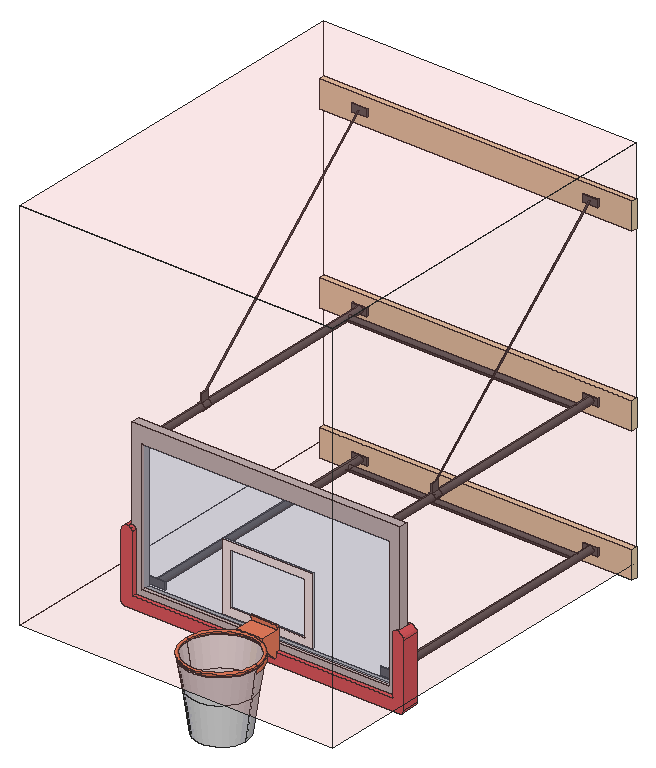
Revit family "Basketball_Backstop-Wall_Mount-Fold-IPIbyBison-IP12WF", category Specialty Equipment, Revit 2024
Family settings
  Round Connector Dimension = Use Diameter
  Part Type = Normal
  OmniClass Number = 23.40.50.34.14
  OmniClass Title = Gymnasium Equipment
  Work Plane-Based = Yes
  Enable Cutting in Views = No
  Always vertical = No
  Cut with Voids When Loaded = No
  Maintain Annotation Orientation = No
  Shared = No
  Room Calculation Point = No
Parameters (values of type "Wall Mounted Fold Up")
  wall distance text = "4 to 10 ft from Wall"
  Wall Plate Material = Wood - IPI by Bison
  Unit Width = 7' - 0"
  Unit Height [instance] = Stringer Height_First + 0' 2"  # 10' - 0"
  Unit Depth = 2' - 8"
  URL = "https://ipibybison.com/"
  Stringer Wood [instance] = Wood - IPI by Bison
  Stringer Height_Third [instance] = 4' - 0"
  Stringer Height_Second [instance] = 3' - 0"
  Stringer Height_First [instance] = 9' - 10"
  Specification = "https://www.arcat.com/company/ipi-by-bison-38554/spec"
  Rim Color [instance] = Plastic - IPI by Bison - Orange OR
  Range of Wall Distance [instance] = wall distance text  # "4 to 10 ft from Wall"
  Product Page URL = "https://www.arcat.com/arcatcos/cos38/arc38554.html"
  Net Color [instance] = Finish - IPI by Bison - White Netting
  Model = "IP12WF"
  Manufacturer = "IPI by Bison"
  Keynote = "11 66 00"
  Glass [instance] = Glass - IPI by Bison
  Frame Finish [instance] = Finish - IPI by Bison - Black
  Folding Clearance [instance] = ARCAT Clearance
  Description = "Basketball Frame and Backboard, Wall Mount"
  Default Elevation = 0' - 0"
  Copyright = "© 2023 ARCAT"  # constant formula
  Clearance Visible [instance] = yes
  CAD Details = "https://www.arcat.com/company/ipi-by-bison-38554/cad"
  Backboard Square Color [instance] = Finish - IPI by Bison - White
  Backboard Padding Color [instance] = Plastic - IPI by Bison - Scarlet SC
  Backboard Distance from Wall [instance] = 6' - 0"
  Backboard Color [instance] = Finish - IPI by Bison - Satin Aluminum
  Assembly Code = ""
Reference planes (in)
  plane 1 "Center (Front/Back)": y = 0
  plane 2 "Bottom": z = 0
  plane 3 "Center (Left/Right)": x = 0
  plane 4 "Left": x = -42
  plane 5 "Right": x = 42
  plane 6 "Top": z = 120
  plane 7: y = -72
  plane 8: y = -59.5813
  plane 9: z = 118
  plane 10: z = 154
  plane 11: z = 202
  plane 12: x = -31.00488
  plane 13: x = 31.00488
  plane 14: y = -69.5
  plane 15: y = -54
Forms (in)
  Extrusion 1, solid, material "Wood - IPI by Bison" <- "Stringer Wood"
    sketch origin (0, 0, 0) x (0, 1, 0) y (0, 0, 1)
      loop
        line (0, 198.375) -> (0, 205.625) -> (-1.5, 205.625) -> (-1.5, 198.375) -> (0, 198.375)
      loop
        line (0, 150.375) -> (0, 157.625) -> (-1.5, 157.625) -> (-1.5, 150.375) -> (0, 150.375)
      loop
        line (0, 114.375) -> (0, 121.625) -> (-1.5, 121.625) -> (-1.5, 114.375) -> (0, 114.375)
    from -42 to 42
  Extrusion 2, solid, material "Finish - IPI by Bison - Black" <- "Frame Finish"
    sketch origin (-31.00488, -180, 220.71867) x (0, 0, 1) y (0, -1, 0)
      loop
        line (-67.71867, -110.25) -> (-67.71867, -110.5) -> (-65.71867, -110.5) -> (-65.71867, -110.25) -> (-67.71867, -110.25)
      loop
        line (-101.71867, -110.25) -> (-103.71867, -110.25) -> (-103.71867, -110.5) -> (-101.71867, -110.5) -> (-101.71867, -110.25)
      loop
        line (-67.71867, -178.5) -> (-65.71867, -178.5) -> (-65.71867, -178.25) -> (-67.71867, -178.25) -> (-67.71867, -178.5)
      loop
        line (-103.71867, -178.5) -> (-101.71867, -178.5) -> (-101.71867, -178.25) -> (-103.71867, -178.25) -> (-103.71867, -178.5)
      loop
        line (-19.71867, -178.5) -> (-17.71867, -178.5) -> (-17.71867, -178.25) -> (-19.71867, -178.25) -> (-19.71867, -178.5)
    from 2 to -2
  Extrusion 3, solid, material "Finish - IPI by Bison - Black" <- "Frame Finish"
    sketch origin (31.00488, -180, 220.71867) x (0, 0, 1) y (0, -1, 0)
      loop
        line (-65.71867, -110.25) -> (-67.71867, -110.25) -> (-67.71867, -110.5) -> (-65.71867, -110.5) -> (-65.71867, -110.25)
      loop
        line (-103.71867, -110.25) -> (-103.71867, -110.5) -> (-101.71867, -110.5) -> (-101.71867, -110.25) -> (-103.71867, -110.25)
      loop
        line (-103.71867, -178.25) -> (-103.71867, -178.5) -> (-101.71867, -178.5) -> (-101.71867, -178.25) -> (-103.71867, -178.25)
      loop
        line (-67.71867, -178.25) -> (-67.71867, -178.5) -> (-65.71867, -178.5) -> (-65.71867, -178.25) -> (-67.71867, -178.25)
      loop
        line (-19.71867, -178.25) -> (-19.71867, -178.5) -> (-17.71867, -178.5) -> (-17.71867, -178.25) -> (-19.71867, -178.25)
    from 2 to -2
  Extrusion 4, solid, material "Finish - IPI by Bison - Black" <- "Frame Finish"
    sketch origin (31.00488, -1.75, 143) x (0, 0, 1) y (-1, 0, 0)
      loop
        circle (11, 62.00977) r 0.875
      loop
        circle (-25, 62.00977) r 0.875
      loop
        circle (11, 0) r 0.875
      loop
        circle (-25, 0) r 0.875
    from 0 to 67.75
  Extrusion 5, solid, material "Finish - IPI by Bison - Black" <- "Frame Finish"
    sketch origin (0, -54, 159.04229) x (0, 0, 1) y (1, 0, 0)
      loop
        line (-4.05404, 30.85203) -> (-1.80404, 30.85203) -> (-1.80404, 31.15773) -> (-4.05404, 31.15773)
        arc (-4.05404, 31.15773) -> (-6.04229, 31.00488) -> (-4.05404, 30.85203) r 1
      loop
        arc (-4.05404, -30.85203) -> (-6.04229, -31.00488) -> (-4.05404, -31.15773) r 1
        line (-4.05404, -31.15773) -> (-1.80404, -31.15773) -> (-1.80404, -30.85203) -> (-4.05404, -30.85203)
    from 1 to -1
  Sweep 6, solid, material "Finish - IPI by Bison - Black" <- "Frame Finish"
    path origin (0, 0, 0) x (0, 1, 0) y (0, 0, 1)
      loop
        line (-54, 156.75) -> (-2.09969, 202)
    profile origin (0, -28.04984, 179.375) x (0, -0.657165, 0.753747) y (1, 0, 0)
      loop
        circle (0, -31.00488) r 0.125
      loop
        circle (0, 31.00488) r 0.125
  Extrusion 7, solid, material "ARCAT Clearance" <- "Folding Clearance", visible <- "Clearance Visible"
    sketch origin (0, 0, 0) x (0, 1, 0) y (0, 0, 1)
      loop
        line (-102, 118) -> (0, 118) -> (0, 219) -> (-102, 219) -> (-102, 118)
    from -42 to 42
  Extrusion 8, solid, material "Finish - IPI by Bison - Black" <- "Frame Finish"
    sketch origin (0, 0, 0) x (0, 1, 0) y (0, 0, 1)
      loop
        circle (-6, 154) r 0.75
      loop
        circle (-6, 118) r 0.75
    from -31.00488 to 31.00488
Dimensions and locks (in)
  equal spacing: plane 4 "Left", plane 3 "Center (Left/Right)", plane 5 "Right"
  "Unit Width": plane 4 "Left" to plane 5 "Right"
  "Unit Height": plane 6 "Top" to level
  locked: plane 7 to plane 8 at 12.4187
  "Backboard Distance from Wall": plane 7 to plane 1 "Center (Front/Back)"
  "Stringer Height_First": plane 9 to level
  "Stringer Height_Second": plane 10 to plane 9
  "Stringer Height_Third": plane 11 to plane 10
  Extrusion 1 sketch curve to plane 9 to Extrusion 1 sketch curve = 0' - 3 5/8" locked, 0' - 3 5/8" locked
  Extrusion 1 sketch curve to plane 10 to Extrusion 1 sketch curve = 0' - 3 5/8" locked, 0' - 3 5/8" locked
  Extrusion 1 sketch curve to plane 11 to Extrusion 1 sketch curve = 0' - 3 5/8" locked, 0' - 3 5/8" locked
  Extrusion 2 sketch curve to plane 10 to Extrusion 2 sketch curve = 0' - 1" locked, 0' - 1" locked  (x2)
  plane 7 to Extrusion 2 sketch curve to Extrusion 2 sketch curve = 0' - 2 1/4" locked, 0' - 0 1/4" locked  (x2)
  Extrusion 2 sketch curve to plane 9 to Extrusion 2 sketch curve = 0' - 1" locked, 0' - 1" locked  (x2)
  Extrusion 2 sketch curve to plane 11 to Extrusion 2 sketch curve = 0' - 1" locked, 0' - 1" locked
  equal spacing: plane 13, plane 3 "Center (Left/Right)", plane 12
  locked: plane 13 to plane 12 at 62.00977
  locked: Extrusion 3 sketch curve to Extrusion 3 sketch curve at 0.25  (x5)
  Extrusion 3 sketch curve to plane 10 to Extrusion 3 sketch curve = 0' - 1" locked, 0' - 1" locked  (x2)
  Extrusion 3 sketch curve to plane 9 to Extrusion 3 sketch curve = 0' - 1" locked, 0' - 1" locked  (x2)
  locked: plane 7 to Extrusion 3 sketch curve at 2.25  (x2)
  Extrusion 3 sketch curve to plane 11 to Extrusion 3 sketch curve = 0' - 1" locked, 0' - 1" locked
  locked: Extrusion 4 sketch curve to plane 12
  locked: Extrusion 4 sketch curve to plane 10
  locked: plane 12 to Extrusion 4 sketch curve
  locked: plane 9 to Extrusion 4 sketch curve  (x2)
  locked: plane 13 to Extrusion 4 sketch curve
  locked: Extrusion 4 sketch curve to plane 13
  locked: plane 10 to Extrusion 4 sketch curve
  locked: plane 7 to plane 14 at 2.5
  locked: plane 7 to plane 15 at 18
  Extrusion 5 sketch curve to plane 13 to Extrusion 5 sketch curve to Extrusion 5 sketch curve = 0' - 0.15285" locked, 0' - 0" locked, 0' - 0.15285" locked
  Extrusion 5 sketch curve to plane 12 to Extrusion 5 sketch curve to Extrusion 5 sketch curve = 0' - 0.15285" locked, 0' - 0" locked, 0' - 0.15285" locked
  Extrusion 5 sketch curve to plane 10 to Extrusion 5 sketch curve = 0' - 3.23825" locked, 0' - 0" locked  (x2)
  locked: Sweep 6 sketch curve to plane 1 "Center (Front/Back)" at 2.09969
  locked: plane 11 to Sweep 6 sketch curve at 0
  locked: Sweep 6 sketch curve to plane 10 at 2.75
  locked: plane 15 to Sweep 6 sketch curve
  locked: Extrusion 3 sketch curve to plane 1 "Center (Front/Back)" at 1.5
  locked: Extrusion 7 sketch curve to plane 11 at 17
  locked: Extrusion 7 sketch curve to plane 7 at 30
  locked: Extrusion 8 sketch curve to plane 1 "Center (Front/Back)" at 6  (x2)
  locked: plane 10 to Extrusion 8 sketch curve at 0
  locked: plane 9 to Extrusion 8 sketch curve at 0
  aligned and locked: nested 1 to plane 8
  aligned and locked: Extrusion 1 to plane 4 "Left"
  aligned and locked: plane 5 "Right" to Extrusion 1
  aligned and locked: plane 14 to Extrusion 4
  aligned and locked: Extrusion 7 sketch curve to plane 9
  aligned and locked: plane 5 "Right" to Extrusion 7
  aligned and locked: Extrusion 7 to plane 4 "Left"
  aligned and locked: plane 13 to Extrusion 8
  aligned and locked: Extrusion 8 to plane 12
Automatic sketch dimensions
  Extrusion 5 sketch curve to Extrusion 5 sketch curve = 0' - 2 1/4"  (x2)
  Sweep 6 sketch curve to profile plane = 0' - 0"  (x2)
  Sweep 6 sketch curve to plane 3 "Center (Left/Right)" = 2' - 7.00488"
  plane 3 "Center (Left/Right)" to Sweep 6 sketch curve = 2' - 7.00488"
  Extrusion 1 sketch curve to plane 1 "Center (Front/Back)" = 0' - 0"  (x3)
  plane 1 "Center (Front/Back)" to Extrusion 1 sketch curve = 0' - 1 1/2"  (x3)
  plane 1 "Center (Front/Back)" to Extrusion 2 sketch curve = 0' - 1 3/4"  (x3)
  Extrusion 2 sketch curve to Extrusion 2 sketch curve = 0' - 0 1/4"  (x3)
  plane 1 "Center (Front/Back)" to Extrusion 3 sketch curve = 0' - 1 1/2"  (x2)
  Extrusion 7 sketch curve to plane 1 "Center (Front/Back)" = 0' - 0"
  radius of Sweep 6 sketch curve = 0' - 0 1/8"  (x2)
  radius of Extrusion 8 sketch curve = 0' - 0 3/4"  (x2)
  radius of Extrusion 4 sketch curve = 0' - 0 7/8"  (x4)
Nested families (in)
  nested 1: "Backboard_BA42XLGlass" at (0, -59.5813, 120) x (-1, 0, 0) z (0, 0, 1), backboard color <- "Backboard Color", backboard square color <- "Backboard Square Color", glass <- "Glass", rim finish <- "Rim Color", net color <- "Net Color", height offset <- "Unit Height", padding color <- "Backboard Padding Color", type "Backboard_BA42XLGlass"
    with rim finish Plastic - IPI by Bison - Orange OR, padding color Plastic - IPI by Bison - Scarlet SC, net color Finish - IPI by Bison - White Netting, height offset 10' - 0", glass Glass - IPI by Bison, frame finish none, backboard square color Finish - IPI by Bison - White, backboard color Finish - IPI by Bison - Satin Aluminum
Definition of nested family "Backboard_BA42XLGlass"
  Parameters (values of type "Backboard_BA42XLGlass")
    padding color [instance] = none
    net color [instance] = none
    rim finish [instance] = none
    height offset [instance] = 9' - 6"
    glass [instance] = none
    frame finish [instance] = none
    backboard square color [instance] = none
    backboard color [instance] = none
    Default Elevation = 4' - 0"
  Reference planes (in)
    plane 1 "Center (Front/Back)": y = 0
    plane 2: z = 0
    plane 3 "Center (Left/Right)": x = 0
    plane 4: z = -114
  Forms (in)
    Extrusion 1, solid, material <- "backboard color"
      sketch origin (-8.43545, 11.2937, 28.94441) x (1, 0, 0) y (0, 0, 1)
        loop
          line (-27.56455, 6.99989) -> (-27.56455, -35.00011) -> (44.43545, -35.00011) -> (44.43545, 6.99989) -> (-27.56455, 6.99989)
        loop
          line (41.81045, 2.74989) -> (-24.93955, 2.74989) -> (-24.93955, -32.37511) -> (41.81045, -32.37511) -> (41.81045, 2.74989)
      from 1.125 to -1.125
    Extrusion 2, solid, material <- "padding color"
      sketch origin (-8.43545, 11.2937, 29.06941) x (1, 0, 0) y (0, 0, 1)
        loop
          line (-27.55038, -17.62511) -> (-27.80038, -17.62511)
          arc (-27.80038, -17.62511) -> (-29.03781, -18.13767) -> (-29.55038, -19.37511) r 1.75
          line (-29.55038, -19.37511) -> (-29.55038, -36.12511)
          arc (-29.55038, -36.12511) -> (-29.25748, -36.83222) -> (-28.55038, -37.12511) r 1
          line (-28.55038, -37.12511) -> (45.44962, -37.12511)
          arc (45.44962, -37.12511) -> (46.15673, -36.83222) -> (46.44962, -36.12511) r 1
          line (46.44962, -36.12511) -> (46.44962, -19.37511)
          arc (46.44962, -19.37511) -> (45.93706, -18.13767) -> (44.69962, -17.62511) r 1.75
          line (44.69962, -17.62511) -> (44.42127, -17.62511)
          arc (44.42127, -17.62511) -> (43.71416, -17.918) -> (43.42127, -18.62511) r 1
          line (43.42127, -18.62511) -> (43.42127, -33.98376) -> (-26.55038, -33.98376) -> (-26.55038, -18.62511)
          arc (-26.55038, -18.62511) -> (-26.84327, -17.918) -> (-27.55038, -17.62511) r 1
      from -2.18697 to 2.14819
    Revolve 3, solid, material <- "net color"
      sketch origin (-8.43545, 27.4812, 28.93687) x (1, 0, 0) y (0, 0, 1)
        loop
          circle (-0.85808, -29.24642) r 0.3125
        loop
          line (-1.03195, -29.9762) -> (0.27041, -37.36226) -> (1.80132, -48.25521) -> (2.05377, -48.25521) -> (0.51737, -37.32314) -> (-0.77809, -29.9762) -> (-1.03195, -29.9762)
        axis (8.43545, -48.25521) -> (8.43545, -29.24642)
      angle from 0 to 360
    Revolve 4, solid, material <- "rim finish"
      sketch origin (0.02792, 11.2937, 0) x (0, 1, 0) y (0, 0, 1)
        loop
          line (6.79001, -0.625) -> (6.54001, -0.625) -> (6.54001, -2.125) -> (6.79001, -2.125) -> (6.79001, -0.625)
        axis (16.04001, -2.125) -> (16.04001, -0.625)
      angle from -90 to 90
    Extrusion 5, solid, material <- "rim finish"
      sketch origin (0, 0, 0) x (0, 1, 0) y (0, 0, 1)
        loop
          line (17.69724, 0) -> (12.8212, 0) -> (13.12361, 1.21287) -> (12.79369, 1.29513) -> (12.47078, 0) -> (12.47078, -6.5) -> (13.63137, -6.5) -> (17.69724, -2.43414) -> (17.69724, 0)
      from -3.50075 to 3.49925
    Extrusion 6, solid, material <- "backboard square color"
      sketch origin (0.02792, 11.2937, 0) x (1, 0, 0) y (0, 0, 1)
        loop
          line (-12.02792, 16.0023) -> (-12.02792, -1.9977) -> (11.97208, -1.9977) -> (11.97208, 16.0023) -> (-12.02792, 16.0023)
        loop
          line (-10.02792, 14.0023) -> (-10.02792, 0) -> (9.97208, 0) -> (9.97208, 14.0023) -> (-10.02792, 14.0023)
      from -0.44333 to 0.05679
    Extrusion 7, solid, material <- "glass"
      sketch origin (0.02792, 11.2937, 0) x (1, 0, 0) y (0, 0, 1)
        loop
          line (-33.40292, 31.6943) -> (-33.40292, -3.4307) -> (33.34708, -3.4307) -> (33.34708, 31.6943) -> (-33.40292, 31.6943)
      from -0.405 to 0
  Lines and regions (in)
    model lines
      curve 1: line (-0.00075, 0, 0) -> (-0.00075, 0, -114)
  Dimensions and locks (in)
    "height offset": level to plane 4
    aligned and locked: plane 2 to level
    aligned and locked: plane 4 to curve 1
  Automatic sketch dimensions
    curve 1 to level = 0' - 0"
    curve 1 to plane 3 "Center (Left/Right)" = 0' - 0.00075"
    Extrusion 1 sketch curve to plane 3 "Center (Left/Right)" = 3' - 0"
    Extrusion 1 sketch curve to Extrusion 1 sketch curve = 0' - 2 5/8"  (x2)
    plane 3 "Center (Left/Right)" to Extrusion 1 sketch curve = 2' - 9 3/8"
    Extrusion 1 sketch curve to level = 0' - 6.0557"
    Extrusion 1 sketch curve to level = 0' - 3.4307"
    level to Extrusion 1 sketch curve = 2' - 7.6943"
    Extrusion 1 sketch curve to Extrusion 1 sketch curve = 0' - 4 1/4"
    level to Extrusion 2 sketch curve = 0' - 9.6943"
    Extrusion 2 sketch curve to plane 3 "Center (Left/Right)" = 3' - 1.98582"
    Extrusion 2 sketch curve to Extrusion 2 sketch curve = 0' - 1"  (x4)
    Extrusion 2 sketch curve to Extrusion 2 sketch curve = 0' - 1 3/4"
    Extrusion 2 sketch curve to Extrusion 2 sketch curve = 0' - 0 1/4"
    level to Extrusion 2 sketch curve = 0' - 10.4443"
    plane 3 "Center (Left/Right)" to Extrusion 2 sketch curve = 2' - 10.98582"
    Extrusion 2 sketch curve to Extrusion 2 sketch curve = 0' - 0.27835"
    Extrusion 2 sketch curve to Extrusion 2 sketch curve = 0' - 2.02835"
    Extrusion 2 sketch curve to level = 0' - 4.91435"
    Extrusion 2 sketch curve to Extrusion 2 sketch curve = 0' - 2.14135"
    Revolve 3 sketch curve to plane 3 "Center (Left/Right)" = 0' - 0"
    Revolve 3 sketch curve to plane 3 "Center (Left/Right)" = 0' - 6.38167"
    Revolve 3 sketch curve to Revolve 3 sketch curve = 0' - 0.25246"
    Revolve 3 sketch curve to plane 3 "Center (Left/Right)" = 0' - 7.91808"
    Revolve 3 sketch curve to Revolve 3 sketch curve = 0' - 0.24696"
    Revolve 3 sketch curve to level = 0' - 1.03933"
    Revolve 3 sketch curve to Revolve 3 sketch curve = 0' - 1.0485"
    Revolve 3 sketch curve to level = 0' - 0.30954"
    Revolve 3 sketch curve to Revolve 3 sketch curve = 0' - 0.07999"
    Revolve 3 sketch curve to Revolve 3 sketch curve = 0' - 0.25386"
    Revolve 3 sketch curve to Revolve 3 sketch curve = 0' - 7.34694"
    Revolve 3 sketch curve to Revolve 3 sketch curve = 0' - 0.03911"
    Revolve 3 sketch curve to Revolve 3 sketch curve = 0' - 10.89295"
    Revolve 3 sketch curve to level = 0' - 0.00754"
    level to Revolve 3 sketch curve = 0' - 2.99246"
    Revolve 4 sketch curve to level = 0' - 2 1/8"
    Revolve 4 sketch curve to plane 1 "Center (Front/Back)" = 1' - 5.83371"
    Revolve 4 sketch curve to Revolve 4 sketch curve = 0' - 0 1/4"
    Revolve 4 sketch curve to level = 0' - 0 5/8"  (x2)
    Revolve 4 sketch curve to Revolve 4 sketch curve = 0' - 9 1/4"
    level to Revolve 4 sketch curve = 0' - 3 1/8"
    Extrusion 5 sketch curve to level = 0' - 0"  (x2)
    Extrusion 5 sketch curve to plane 1 "Center (Front/Back)" = 1' - 0.47078"
    level to Extrusion 5 sketch curve = 0' - 1.29513"
    Extrusion 5 sketch curve to Extrusion 5 sketch curve = 0' - 0.32291"
    Extrusion 5 sketch curve to Extrusion 5 sketch curve = 0' - 0.35043"
    Extrusion 5 sketch curve to Extrusion 5 sketch curve = 0' - 1.16059"
    Extrusion 5 sketch curve to Extrusion 5 sketch curve = 0' - 4.57363"
    Extrusion 5 sketch curve to Extrusion 5 sketch curve = 0' - 2.43414"
    Extrusion 5 sketch curve to Extrusion 5 sketch curve = 0' - 6 1/2"
    Extrusion 6 sketch curve to level = 0' - 0"
    Extrusion 6 sketch curve to level = 0' - 1.9977"
    Extrusion 6 sketch curve to plane 3 "Center (Left/Right)" = 1' - 0"
    Extrusion 6 sketch curve to Extrusion 6 sketch curve = 0' - 2"  (x3)
    plane 3 "Center (Left/Right)" to Extrusion 6 sketch curve = 0' - 10"
    Extrusion 6 sketch curve to Extrusion 6 sketch curve = 1' - 2.0023"
    Extrusion 7 sketch curve to plane 3 "Center (Left/Right)" = 2' - 9 3/8"
    Extrusion 7 sketch curve to level = 0' - 3.4307"
    plane 3 "Center (Left/Right)" to Extrusion 7 sketch curve = 2' - 9 3/8"
    level to Extrusion 7 sketch curve = 2' - 7.6943"
    radius of Revolve 3 sketch curve = 0' - 0 5/16"
